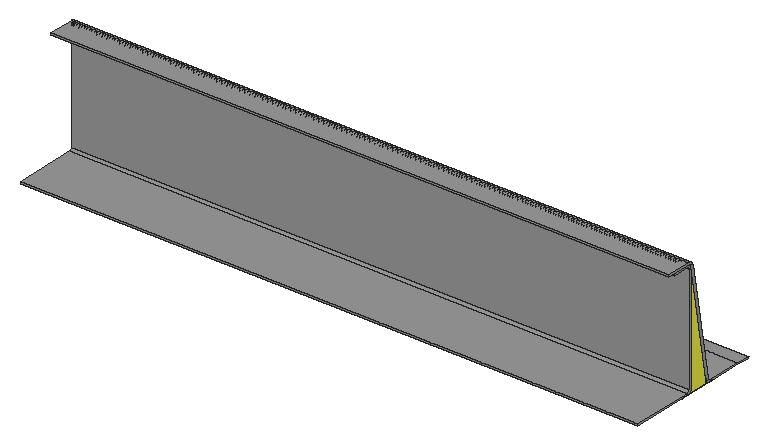
Revit family "CFS K 50 WIL", category Generic Models, Revit 2014
Parameters (values of type "Max lintel length 4800mm")
  URL = "http://www.keystonelintels.co.uk"
  Structural Opening [instance] = 900 mm
  Structural Performance = "The Keystone lintel range has safe working loads as detailed in each applicable loading table in the Keystone Lintel Guide brochure. The structural performance figures within each table have been ascertained by testing in accordance with the requirements of standards BS EN 5977-2: 1983 and BS EN 845-2: 2003."
  RIBA Productor Selector = "available for Keystone Lintels Ltd from Keystone Lintels Ltd from ribaproductselector.com"
  Model = "CFS/K 50 WIL"
  Min Length = 600 mm
  Min Clear Span = 300 mm
  Max Length = 4800 mm
  Max Clear Span = 4800 mm
  Material - Stainless Steel = "Grade 304 2b 1.4307 to BS EN 10088-2. Other grades available on request: contact manufacturer."
  Material - Galvanised Steel = "To BS EN 10346: 2009. DX51D plus Z600 or grade Z275 to BS 5977-2: 1983 (BS EN 845-2: 2003)."
  Manufacturer = "Keystone"
  Manufactured Length [instance] = (roundup(Effective Length / 150 mm) * 150 mm)  # 1200 mm
  Lintel height [instance] = 2100 mm
  Keynote = "F30/755"
  Fire Performance = "Keystone lintels have been subjected to a fire test (WARRES No. 101263) in accordance with BS 476-20: 1987, at Exova Warrington Fire and achieved a one hour fire performance."
  End Bearing = 150 mm
  Effective Length [instance] = Clear Opening with MIN MAX set + End Bearing * 2  # 1200 mm
  Corrosion = "Keystone’s standard range of lintels are manufactured from high quality grade pre-galvanized carbon steel with a zinc coating of 600"
  Contact Tel = "+44 (0)28 8676 2184"
  Contact Email = "info@keystonelintels.co.uk"
  Clear Opening with MIN MAX set [instance] = if(Structural Opening < Min Clear Span, Min Clear Span, (if(Structural Opening > Max Clear Span, Max Clear Span, Structural Opening)))  # 900 mm
  CPD Information = "Available for Keystone Lintels Ltd from ribacpd.com"
Reference planes
  plane 1 "Center (Front/Back)": y = 0
  plane 2: z = 0
  plane 3 "Center (Left/Right)": x = 0
  plane 4: x = -600
  plane 5: x = 600
  plane 6: z = 2100
  plane 7: x = -450
  plane 8: x = 450
Forms (mm)
  Extrusion 1, solid, material "Steel"
    sketch origin (0, 703.758, -496.241) x (0, 1, 0) y (0, 0, 1)
      loop
        line (-583.1, 2595.355) -> (-582.987, 2598.553) -> (-607.987, 2599.441) -> (-677.193, 2599.441)
        arc (-677.193, 2599.441) -> (-680.728, 2600.906) -> (-682.193, 2604.441) r 5
        line (-682.193, 2604.441) -> (-718.963, 2818.406)
        arc (-718.963, 2818.406) -> (-721.595, 2823.292) -> (-726.791, 2825.241) r 7.9
        line (-726.791, 2825.241) -> (-775.986, 2825.241) -> (-775.986, 2822.041) -> (-726.791, 2822.041)
        arc (-726.791, 2822.041) -> (-723.684, 2820.868) -> (-722.128, 2817.935) r 4.7
        line (-722.128, 2817.935) -> (-685.388, 2604.146)
        arc (-685.388, 2604.146) -> (-682.886, 2598.539) -> (-677.193, 2596.241) r 8.2
        line (-677.193, 2596.241) -> (-608.043, 2596.241) -> (-583.1, 2595.355)
    from -600 to 600
  Extrusion 2, solid, material "Steel"
    sketch origin (0, 703.758, -496.241) x (0, 1, 0) y (0, 0, 1)
      loop
        line (-850.986, 2596.241) -> (-730.686, 2596.241)
        arc (-730.686, 2596.241) -> (-725.1, 2598.555) -> (-722.786, 2604.141) r 7.9
        line (-722.786, 2604.141) -> (-722.786, 2814.141)
        arc (-722.786, 2814.141) -> (-725.1, 2819.727) -> (-730.686, 2822.041) r 7.9
        line (-730.686, 2822.041) -> (-762.686, 2822.041) -> (-762.686, 2818.841) -> (-730.686, 2818.841)
        arc (-730.686, 2818.841) -> (-727.362, 2817.464) -> (-725.986, 2814.141) r 4.7
        line (-725.986, 2814.141) -> (-725.986, 2604.141)
        arc (-725.986, 2604.141) -> (-727.362, 2600.818) -> (-730.686, 2599.441) r 4.7
        line (-730.686, 2599.441) -> (-850.986, 2599.441) -> (-850.986, 2596.241)
    from -600 to 600
  Extrusion 3, solid, material "Steel"
    sketch origin (0, 703.758, -496.241) x (0, 1, 0) y (0, 0, 1)
      loop
        line (-668.404, 2596.241) -> (-685.404, 2596.241) -> (-685.404, 2604.241) -> (-686.404, 2604.241) -> (-686.404, 2596.241) -> (-743.404, 2596.241) -> (-743.404, 2595.241) -> (-668.404, 2595.241) -> (-668.404, 2596.241)
    from -600 to 600
  Extrusion 4, solid, material "Insulation"
    sketch origin (0, 703.758, -496.241) x (0, 1, 0) y (0, 0, 1)
      loop
        line (-686.404, 2596.241) -> (-686.404, 2604.241) -> (-685.404, 2604.078) -> (-685.404, 2596.241) -> (-677.193, 2596.241)
        arc (-677.193, 2596.241) -> (-682.886, 2598.539) -> (-685.388, 2604.146) r 8.2
        line (-685.388, 2604.146) -> (-722.128, 2817.935)
        arc (-722.128, 2817.935) -> (-723.684, 2820.868) -> (-726.791, 2822.041) r 4.7
        line (-726.791, 2822.041) -> (-730.686, 2822.041)
        arc (-730.686, 2822.041) -> (-725.1, 2819.727) -> (-722.786, 2814.141) r 7.9
        line (-722.786, 2814.141) -> (-722.786, 2604.141)
        arc (-722.786, 2604.141) -> (-725.1, 2598.555) -> (-730.686, 2596.241) r 7.9
        line (-730.686, 2596.241) -> (-686.404, 2596.241)
    from -600 to 600
  Extrusion 5, solid, not visible
    sketch origin (0, 927.031, 1223.109) x (0, 1, 0) y (0, 0, 1)
      loop
        line (-583.1, 995.355) -> (-582.987, 998.553) -> (-607.987, 999.441) -> (-677.193, 999.441)
        arc (-677.193, 999.441) -> (-680.728, 1000.906) -> (-682.193, 1004.441) r 5
        line (-682.193, 1004.441) -> (-718.963, 1218.406)
        arc (-718.963, 1218.406) -> (-721.595, 1223.292) -> (-726.791, 1225.241) r 7.9
        line (-726.791, 1225.241) -> (-775.986, 1225.241) -> (-775.986, 1222.041) -> (-726.791, 1222.041)
        arc (-726.791, 1222.041) -> (-723.684, 1220.868) -> (-722.128, 1217.935) r 4.7
        line (-722.128, 1217.935) -> (-685.388, 1004.146)
        arc (-685.388, 1004.146) -> (-682.886, 998.539) -> (-677.193, 996.241) r 8.2
        line (-677.193, 996.241) -> (-608.043, 996.241) -> (-583.1, 995.355)
    from 0 to 250
  Extrusion 6, solid, not visible
    sketch origin (0, 567.125, 1295.596) x (0, 1, 0) y (0, 0, 1)
      loop
        line (-850.986, 996.241) -> (-730.686, 996.241)
        arc (-730.686, 996.241) -> (-725.1, 998.555) -> (-722.786, 1004.141) r 7.9
        line (-722.786, 1004.141) -> (-722.786, 1214.141)
        arc (-722.786, 1214.141) -> (-725.1, 1219.727) -> (-730.686, 1222.041) r 7.9
        line (-730.686, 1222.041) -> (-762.686, 1222.041) -> (-762.686, 1218.841) -> (-730.686, 1218.841)
        arc (-730.686, 1218.841) -> (-727.362, 1217.464) -> (-725.986, 1214.141) r 4.7
        line (-725.986, 1214.141) -> (-725.986, 1004.141)
        arc (-725.986, 1004.141) -> (-727.362, 1000.818) -> (-730.686, 999.441) r 4.7
        line (-730.686, 999.441) -> (-850.986, 999.441) -> (-850.986, 996.241)
    from 0 to 250
  Extrusion 7, solid, not visible
    sketch origin (0, 965.725, 1011.306) x (0, 1, 0) y (0, 0, 1)
      loop
        line (-668.404, 996.241) -> (-685.404, 996.241) -> (-685.404, 1004.241) -> (-686.404, 1004.241) -> (-686.404, 996.241) -> (-743.404, 996.241) -> (-743.404, 995.241) -> (-668.404, 995.241) -> (-668.404, 996.241)
    from 0 to 250
  Extrusion 8, solid, not visible
    sketch origin (0, 486.299, 815.338) x (0, 1, 0) y (0, 0, 1)
      loop
        line (-686.404, 996.241) -> (-686.404, 1004.241) -> (-685.404, 1004.078) -> (-685.404, 996.241) -> (-677.193, 996.241)
        arc (-677.193, 996.241) -> (-682.886, 998.539) -> (-685.388, 1004.146) r 8.2
        line (-685.388, 1004.146) -> (-722.128, 1217.935)
        arc (-722.128, 1217.935) -> (-723.684, 1220.868) -> (-726.791, 1222.041) r 4.7
        line (-726.791, 1222.041) -> (-730.686, 1222.041)
        arc (-730.686, 1222.041) -> (-725.1, 1219.727) -> (-722.786, 1214.141) r 7.9
        line (-722.786, 1214.141) -> (-722.786, 1004.141)
        arc (-722.786, 1004.141) -> (-725.1, 998.555) -> (-730.686, 996.241) r 7.9
        line (-730.686, 996.241) -> (-686.404, 996.241)
    from 0 to 250
Dimensions and locks
  equal spacing: plane 4, plane 3 "Center (Left/Right)", plane 5
  "Manufactured Length": plane 4 to plane 5
  "Lintel height": plane 6 to level
  "Structural Opening": plane 7 to plane 8
  equal spacing: plane 7, plane 3 "Center (Left/Right)", plane 8
  aligned and locked: level to plane 2
  aligned and locked: Extrusion 1 to plane 6  (x2)
  aligned and locked: Extrusion 4 to plane 6
  aligned and locked: plane 6 to Extrusion 3
  aligned and locked: Extrusion 2 to plane 6
  aligned and locked: plane 5 to Extrusion 2
  aligned and locked: Extrusion 2 to plane 4
  aligned and locked: plane 5 to Extrusion 1
  aligned and locked: Extrusion 1 to plane 4
  aligned and locked: plane 5 to Extrusion 3
  aligned and locked: Extrusion 3 to plane 4
  aligned and locked: plane 5 to Extrusion 4
  aligned and locked: Extrusion 4 to plane 4
Automatic sketch dimensions
  Extrusion 1 sketch curve to Extrusion 1 sketch curve = 24.943 mm
  Extrusion 1 sketch curve to Extrusion 1 sketch curve = 0.114 mm
  Extrusion 1 sketch curve to Extrusion 1 sketch curve = 0.886 mm
  Extrusion 1 sketch curve to Extrusion 1 sketch curve = 0.057 mm
  Extrusion 1 sketch curve to Extrusion 1 sketch curve = 69.15 mm
  Extrusion 1 sketch curve to Extrusion 1 sketch curve = 5 mm
  Extrusion 1 sketch curve to Extrusion 1 sketch curve = 8.195 mm
  Extrusion 1 sketch curve to Extrusion 1 sketch curve = 33.575 mm
  Extrusion 1 sketch curve to Extrusion 1 sketch curve = 214.26 mm
  Extrusion 1 sketch curve to Extrusion 1 sketch curve = 3.166 mm
  Extrusion 1 sketch curve to Extrusion 1 sketch curve = 0.471 mm
  Extrusion 1 sketch curve to Extrusion 1 sketch curve = 4.662 mm
  Extrusion 1 sketch curve to Extrusion 1 sketch curve = 0.593 mm
  Extrusion 1 sketch curve to Extrusion 1 sketch curve = 49.195 mm
  Extrusion 2 sketch curve to Extrusion 2 sketch curve = 120.3 mm
  Extrusion 2 sketch curve to Extrusion 2 sketch curve = 3.2 mm
  Extrusion 2 sketch curve to Extrusion 2 sketch curve = 4.7 mm  (x2)
  Extrusion 2 sketch curve to Extrusion 2 sketch curve = 0 mm  (x8)
  Extrusion 2 sketch curve to Extrusion 2 sketch curve = 210 mm
  Extrusion 2 sketch curve to Extrusion 2 sketch curve = 32 mm
  Extrusion 3 sketch curve to Extrusion 3 sketch curve = 17 mm
  Extrusion 3 sketch curve to Extrusion 3 sketch curve = 8 mm
  Extrusion 3 sketch curve to Extrusion 3 sketch curve = 1 mm  (x2)
  Extrusion 3 sketch curve to Extrusion 3 sketch curve = 0 mm
  Extrusion 3 sketch curve to Extrusion 3 sketch curve = 57 mm
  Extrusion 4 sketch curve to Extrusion 4 sketch curve = 0 mm  (x2)
  Extrusion 4 sketch curve to Extrusion 4 sketch curve = 3.895 mm
  Extrusion 4 sketch curve to Extrusion 4 sketch curve = 7.9 mm
  Extrusion 4 sketch curve to Extrusion 4 sketch curve = 36.382 mm
  Extrusion 4 sketch curve to Extrusion 4 sketch curve = 1 mm
  Extrusion 4 sketch curve to Extrusion 4 sketch curve = 8.211 mm
  Extrusion 4 sketch curve to Extrusion 4 sketch curve = 210 mm
  Extrusion 4 sketch curve to Extrusion 4 sketch curve = 4.7 mm
  Extrusion 4 sketch curve to Extrusion 4 sketch curve = 7.837 mm
  Extrusion 4 sketch curve to Extrusion 4 sketch curve = 0.163 mm
  Extrusion 4 sketch curve to Extrusion 4 sketch curve = 0.657 mm
  Extrusion 4 sketch curve to Extrusion 4 sketch curve = 0.016 mm
  Extrusion 4 sketch curve to Extrusion 4 sketch curve = 0.067 mm
  Extrusion 4 sketch curve to Extrusion 4 sketch curve = 8.195 mm
  Extrusion 4 sketch curve to Extrusion 4 sketch curve = 0.295 mm
  Extrusion 1 sketch curve to Extrusion 1 sketch curve = 0 mm  (x8)
  Extrusion 5 sketch curve to Extrusion 5 sketch curve = 24.943 mm
  Extrusion 5 sketch curve to Extrusion 5 sketch curve = 0.114 mm
  Extrusion 5 sketch curve to Extrusion 5 sketch curve = 0.886 mm
  Extrusion 5 sketch curve to Extrusion 5 sketch curve = 0.057 mm
  Extrusion 5 sketch curve to Extrusion 5 sketch curve = 69.15 mm
  Extrusion 5 sketch curve to Extrusion 5 sketch curve = 0 mm  (x8)
  Extrusion 5 sketch curve to Extrusion 5 sketch curve = 5 mm
  Extrusion 5 sketch curve to Extrusion 5 sketch curve = 8.195 mm
  Extrusion 5 sketch curve to Extrusion 5 sketch curve = 33.575 mm
  Extrusion 5 sketch curve to Extrusion 5 sketch curve = 214.26 mm
  Extrusion 5 sketch curve to Extrusion 5 sketch curve = 3.166 mm
  Extrusion 5 sketch curve to Extrusion 5 sketch curve = 0.471 mm
  Extrusion 5 sketch curve to Extrusion 5 sketch curve = 4.662 mm
  Extrusion 5 sketch curve to Extrusion 5 sketch curve = 0.593 mm
  Extrusion 5 sketch curve to Extrusion 5 sketch curve = 49.195 mm
  Extrusion 6 sketch curve to Extrusion 6 sketch curve = 120.3 mm
  Extrusion 6 sketch curve to Extrusion 6 sketch curve = 3.2 mm
  Extrusion 6 sketch curve to Extrusion 6 sketch curve = 4.7 mm  (x2)
  Extrusion 6 sketch curve to Extrusion 6 sketch curve = 0 mm  (x8)
  Extrusion 6 sketch curve to Extrusion 6 sketch curve = 210 mm
  Extrusion 6 sketch curve to Extrusion 6 sketch curve = 32 mm
  Extrusion 7 sketch curve to Extrusion 7 sketch curve = 17 mm
  Extrusion 7 sketch curve to Extrusion 7 sketch curve = 8 mm
  Extrusion 7 sketch curve to Extrusion 7 sketch curve = 1 mm  (x2)
  Extrusion 7 sketch curve to Extrusion 7 sketch curve = 0 mm
  Extrusion 7 sketch curve to Extrusion 7 sketch curve = 57 mm
  Extrusion 8 sketch curve to Extrusion 8 sketch curve = 0 mm  (x2)
  Extrusion 8 sketch curve to Extrusion 8 sketch curve = 3.895 mm
  Extrusion 8 sketch curve to Extrusion 8 sketch curve = 7.9 mm
  Extrusion 8 sketch curve to Extrusion 8 sketch curve = 36.382 mm
  Extrusion 8 sketch curve to Extrusion 8 sketch curve = 1 mm
  Extrusion 8 sketch curve to Extrusion 8 sketch curve = 8.211 mm
  Extrusion 8 sketch curve to Extrusion 8 sketch curve = 210 mm
  Extrusion 8 sketch curve to Extrusion 8 sketch curve = 4.7 mm
  Extrusion 8 sketch curve to Extrusion 8 sketch curve = 7.837 mm
  Extrusion 8 sketch curve to Extrusion 8 sketch curve = 0.163 mm
  Extrusion 8 sketch curve to Extrusion 8 sketch curve = 0.657 mm
  Extrusion 8 sketch curve to Extrusion 8 sketch curve = 0.016 mm
  Extrusion 8 sketch curve to Extrusion 8 sketch curve = 0.067 mm
  Extrusion 8 sketch curve to Extrusion 8 sketch curve = 8.195 mm
  Extrusion 8 sketch curve to Extrusion 8 sketch curve = 0.295 mm
  Extrusion 4 sketch curve to plane 6 = 0 mm
  plane 1 "Center (Front/Back)" to Extrusion 4 sketch curve = 26.928 mm
  Extrusion 2 sketch curve to plane 6 = 0 mm
  plane 1 "Center (Front/Back)" to Extrusion 2 sketch curve = 147.228 mm
  Extrusion 1 sketch curve to plane 6 = 0 mm
  plane 1 "Center (Front/Back)" to Extrusion 1 sketch curve = 72.228 mm
  Extrusion 3 sketch curve to plane 6 = 0 mm
  plane 1 "Center (Front/Back)" to Extrusion 3 sketch curve = 39.646 mm
